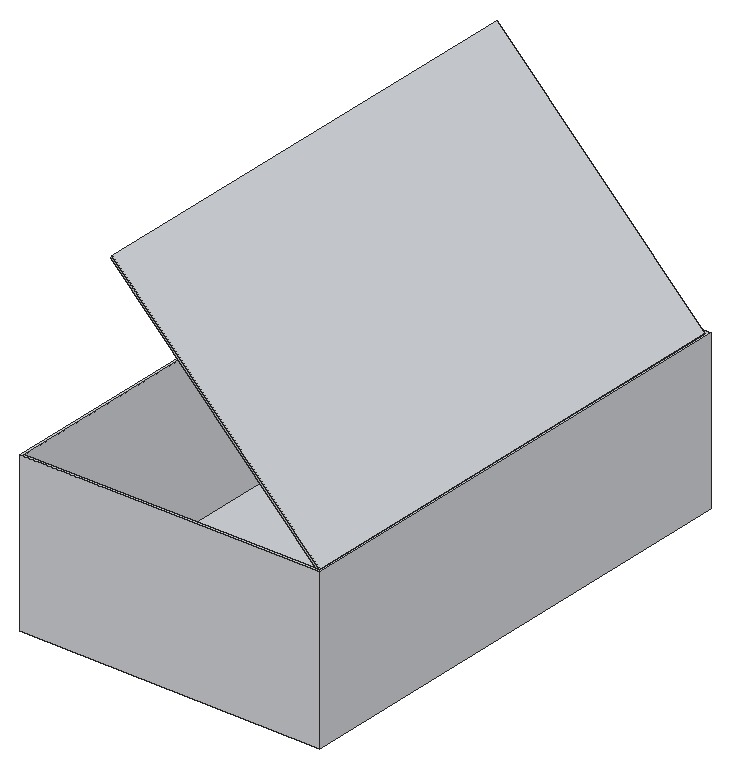
Revit family "Hager-Vector-IP65-vacío-ES-es", category Electrical Equipment, host Face, Revit 2020
Family settings
  Host = Face
  Panel Configuration = Two Columns, Circuits Across
  Round Connector Dimension = Use Diameter
  Part Type = Panelboard
  Cut with Voids When Loaded = No
  Shared = No
  Room Calculation Point = No
Parameters (values of type "Montado superficial IP65 A400 A650 P210 0 unidad de división - VP72G")
  Width Control [instance] = if([HG000006 - Empotrado], if([EF000846 - Anchura de instalación] > min_whd, [EF000846 - Anchura de instalación], min_whd), if([EF000008 - Anchura] > min_whd, ([EF000008 - Anchura]), min_whd))  # 400 mm
  Void Depth [instance] = if([HG000006 - Empotrado], Depth Control, 1 mm)  # 1 mm
  Type Comments = [HG000003 - Gama]  # "Vector"
  System Height [instance] = Height Control - 2 * [HG000005 - Grosor]  # 644 mm
  Model = [HG000004 - Referencia del fabricante]  # "VP72G"
  HG000017 - Distancia entre polos = 18 mm
  HG000016 - Visibilidad de la puerta 3D [instance] = yes
  HG000015 - Visibilidad a través de la puerta [instance] = no
  HG000014 - Puerta a la derecha [instance] = yes
  HG000013 - Puerta a la izquierda [instance] = not([HG000014 - Puerta a la derecha])  # no
  HG000012 - Ángulo de giro de la puerta [instance] = 45.00°
  HG000011 - Filas vacías desde abajo = no
  HG000010 - Puertas asimétricas = no
  HG000009 - Puerta batiente doble = no
  HG000008 - Número de filas vacías = 0
  HG000007 - Número de columnas vacías = 0
  HG000006 - Empotrado = no
  HG000005 - Grosor = 3 mm  # constant formula
  HG000004 - Referencia del fabricante = "VP72G"
  HG000003 - Gama = "Vector"
  HG000002 - Con puerta o tapa = yes
  HG000001 - Número de columnas = 0
  EF015941 - Puerta de transmisión de señal = no
  EF015777 - Borne neutro = no
  EF015776 - Borne de tierra = no
  EF009212 - Versión de la cubierta = "EV000116 - Cerrado"
  EF006306 - Con cierre = yes
  EF006244 - Tapa/puerta transparente = no
  EF005474 - Grado de protección (IP) = "EV006421 - IP65"
  EF004462 - Tipo de cierre = "EV000154 - Otros"
  EF002950 - Anchura de unidades de división = 0
  EF001596 - Material de la carcasa = "EV000139 - Plástico"
  EF001134 - Carril DIN = no
  EF001131 - Profundidad interna = 210 mm
  EF001088 - Posibilidad de extensión = yes
  EF001062 - Versión de EMC = yes
  EF000846 - Anchura de instalación = 0 mm
  EF000339 - Tipo de cubierta = "EV004216 - Puerta"
  EF000332 - Altura de la instalación = 0 mm
  EF000266 - Número de filas = 0
  EF000218 - Profundidad de instalación = 210 mm
  EF000118 - Con placa de montaje = no
  EF000116 - Número RAL = "7035"
  EF000049 - Profundidad = 210 mm
  EF000040 - Altura = 650 mm
  EF000008 - Anchura = 400 mm
  EF000007 - Color = "EV000270 - Gris"
  EF000003 - Tipo de montaje = "EV000384 - Montado superficial (escayola)"
  Arrow Offset [instance] = Depth Control / 8  # 26.25 mm
  Arrow Height [instance] = Depth Control - Arrow Offset  # 183.75 mm
  Host Offset [instance] = if([HG000006 - Empotrado], 0 mm, [EF000049 - Profundidad])  # 210 mm
  min_whd [instance] = (2 * [HG000005 - Grosor]) + 1 mm  # 7 mm
  Manufacturer = "Hager"  # constant formula
  Height Control [instance] = if([HG000006 - Empotrado], if([EF000332 - Altura de la instalación] > min_whd, [EF000332 - Altura de la instalación], min_whd), if([EF000040 - Altura] > min_whd, ([EF000040 - Altura]), min_whd))  # 650 mm
  Flush Mounted - Door Frame Width [instance] = if(([EF000040 - Altura] - [EF000332 - Altura de la instalación]) > 0 mm, if([HG000006 - Empotrado], [EF000040 - Altura] - [EF000332 - Altura de la instalación], 0 mm), 0 mm)  # 0 mm
  Depth Control [instance] = if([HG000006 - Empotrado], if([EF000218 - Profundidad de instalación] > 0 mm, [EF000218 - Profundidad de instalación], 1 mm), if([EF000049 - Profundidad] > 0 mm, ([EF000049 - Profundidad]), 1 mm))  # 210 mm
  Default Elevation = 0 mm
Types (4, lengths in mm): name | Width Control | System Height | Model | HG000004 - Referencia del fabricante | EF001131 - Profundidad interna | EF000218 - Profundidad de instalación | EF000118 - Con placa de montaje | EF000049 - Profundidad | EF000040 - Altura | EF000008 - Anchura | Arrow Offset | Arrow Height | Host Offset | Height Control | Depth Control
  Montado superficial IP65 A250 A350 P160 0 unidad de división - VP20G | 250 | 344 | "VP20G" | "VP20G" | 160 | 160 | yes | 160 | 350 | 250 | 20 | 140 | 160 | 350 | 160
  Montado superficial IP65 A300 A500 P160 0 unidad de división - VP36G | 300 | 494 | "VP36G" | "VP36G" | 160 | 160 | no | 160 | 500 | 300 | 20 | 140 | 160 | 500 | 160
  Montado superficial IP65 A400 A500 P210 0 unidad de división - VP54G | 400 | 494 | "VP54G" | "VP54G" | 210 | 210 | no | 210 | 500 | 400 | 26.25 | 183.75 | 210 | 500 | 210
  Montado superficial IP65 A400 A650 P210 0 unidad de división - VP72G | 400 | 644 | "VP72G" | "VP72G" | 210 | 210 | no | 210 | 650 | 400 | 26.25 | 183.75 | 210 | 650 | 210
Reference planes
  plane 1 "Center (Front/Back)": y = 0
  plane 2: z = 0
  plane 3 "Center (Left/Right)": x = 0
  plane 4: z = 210
  plane 5: y = 3
  plane 6: z = 205
  plane 7: y = 325
  plane 8: y = 0
  plane 9: y = 650
  plane 10: z = 0
  plane 11: x = -200
  plane 12: x = 200
  plane 13: x = 197
  plane 14: x = -197
  plane 15: y = 647
  plane 16: z = 3
  plane 17: z = 207
  plane 18: z = -1
  plane 19: z = 207
Forms (mm)
  Extrusion 1, solid
    sketch origin (-583.045, 0, 1219.2) x (-1, 0, 0) y (0, 0, 1)
      loop
        line (-383.045, -1009.2) -> (-783.045, -1009.2) -> (-783.045, -1219.2) -> (-383.045, -1219.2) -> (-383.045, -1009.2)
    from 0 to 650 <- "Height Control"
  Extrusion 2, void
    sketch origin (-381.607, -4572, 210) x (0, -1, 0) y (-1, 0, 0)
      loop
        line (-5219, -184.607) -> (-5219, -578.607) -> (-4575, -578.607) -> (-4575, -184.607) -> (-5219, -184.607)
    from 0 to 207
  Extrusion 3, void
    sketch origin (0, 0, 0) x (1, 0, 0) y (0, 1, 0)
      loop
        line (-200, 0) -> (200, 0) -> (200, 650) -> (-200, 650) -> (-200, 0)
    from -1 to 1
  Extrusion 4, solid, detail levels coarse+medium
    sketch origin (-381.607, -4572, 210) x (-1, 0, 0) y (0, -1, 0)
      loop
        line (-184.607, -5219) -> (-184.607, -4575) -> (-578.607, -4575) -> (-578.607, -5219) -> (-184.607, -5219)
    from 0 to -3
Cuts and joins
  Extrusion 2 cuts Extrusion 1
Dimensions and locks
  plane 4 to plane 6 = 5 mm
  "Host Offset": plane 4 to host face
  "Flush Mounted - Door Frame Width": plane 1 "Center (Front/Back)" to plane 8
  "HG000005 - Grosor": plane 5 to plane 8
  locked: connector elem to plane 3 "Center (Left/Right)"
  "Height Control": plane 9 to plane 8
  equal spacing: plane 9, plane 7, plane 8
  locked: connector elem to plane 7
  "Depth Control": plane 4 to plane 10
  "HG000005 - Grosor": plane 11 to plane 14
  "HG000005 - Grosor": plane 12 to plane 13
  equal spacing: plane 11, plane 3 "Center (Left/Right)", plane 12
  "Width Control": plane 11 to plane 12
  "Arrow Offset": nested 4 to plane 10
  "HG000005 - Grosor": plane 9 to plane 15
  "HG000005 - Grosor": plane 16 to plane 10
  "HG000005 - Grosor": plane 4 to plane 17
  "Void Depth": plane 2 to plane 18
  "HG000005 - Grosor": plane 4 to plane 19
  aligned and locked: plane 2 to host face
  aligned and locked: level to host face
  aligned and locked: plane 3 "Center (Left/Right)" to nested 2
  aligned and locked: plane 4 to nested 2
  aligned and locked: nested 2 to plane 8
  aligned and locked: nested 1 to plane 6
  aligned and locked: plane 5 to nested 1
  aligned and locked: nested 4 to plane 11
  aligned and locked: nested 3 to plane 4
  aligned and locked: Extrusion 1 sketch curve to plane 12
  aligned and locked: Extrusion 1 sketch curve to plane 11
  aligned and locked: nested 3 to plane 10
  aligned and locked: plane 10 to Extrusion 1 sketch curve
  aligned and locked: plane 5 to Extrusion 2 sketch curve
  aligned and locked: Extrusion 2 sketch curve to plane 15
  aligned and locked: Extrusion 2 sketch curve to plane 14
  aligned and locked: Extrusion 2 sketch curve to plane 13
  aligned and locked: plane 11 to Extrusion 3 sketch curve
  aligned and locked: plane 9 to Extrusion 3 sketch curve
  aligned and locked: Extrusion 3 sketch curve to plane 8
  aligned and locked: plane 12 to Extrusion 3 sketch curve
  aligned and locked: nested 3 to plane 12
  aligned and locked: Extrusion 3 to plane 18
  aligned and locked: Extrusion 2 to plane 16
  aligned and locked: Extrusion 1 sketch curve to plane 4
  aligned and locked: Extrusion 4 to plane 17
  aligned and locked: Extrusion 4 sketch curve to plane 15
  aligned and locked: Extrusion 4 sketch curve to plane 13
  aligned and locked: Extrusion 4 sketch curve to plane 14
  aligned and locked: plane 5 to Extrusion 4 sketch curve
Automatic sketch dimensions
  host sketch curve to host sketch curve = 1469.727 mm
  host sketch curve to host sketch curve = 1434.803 mm
Nested families
  nested 1: "Hager_Enclosure_System" at (0, 3, 205) x (1, 0, 0) z (0, 1, 0), Depth <- "HG000005 - Grosor", Height <- "System Height", Width <- "EF000008 - Anchura", Border <- "HG000005 - Grosor", Flush_Mounted <- "HG000006 - Empotrado", Built-in_Width <- "EF000846 - Anchura de instalación", Row_Module_Multiplicator <- "EF002950 - Anchura de unidades de división", Total_No_Empty_Rows <- "HG000008 - Número de filas vacías", Total_No_Rows <- "EF000266 - Número de filas", Empty_Columns <- "HG000007 - Número de columnas vacías", Width_Control <- "Width Control", Empty_Rows_From_Bottom <- "HG000011 - Filas vacías desde abajo", Distance_Between_Poles <- "HG000017 - Distancia entre polos", Rows_Count <- "EF000266 - Número de filas", Columns_Count <- "HG000001 - Número de columnas", type "Hager_Enclosure_System", detail levels fine
    with Width_Control 400 mm, Width 400 mm, Total_No_Rows 0, Total_No_Empty_Rows 0, Total_No_Columns 1, System_Width 394 mm, Rows_Count 0, Rows_Column 0, Row_Module_Multiplicator 0, Panel_4 no, Panel_3 no, Panel_2 no, Panel_1 no, No_Panels_Ctrl 1, Hide_Columns yes, Height 644 mm, Flush_Mounted no, Empty_Rows_From_Bottom no, Empty_Rows_Column 0, Empty_Columns 0, Distance_Between_Poles 18 mm, Depth 3 mm, Columns_Count 0, Column_Width 394 mm, Built-in_Width 0 mm, Border 3 mm
  nested 2: "Hager_Enclosure_Door" at (0, 0, 210) x (1, 0, 0) z (0, 1, 0), Border <- "HG000005 - Grosor", Door_Right <- "HG000014 - Puerta a la derecha", Flush_Mounted <- "HG000006 - Empotrado", Depth <- "EF000049 - Profundidad", Width <- "EF000008 - Anchura", Door_Left <- "HG000013 - Puerta a la izquierda", 3d_Door <- "HG000016 - Visibilidad de la puerta 3D", BuiltIn_Width <- "EF000846 - Anchura de instalación", BuiltIn_Height <- "EF000332 - Altura de la instalación", BuiltIn_Depth <- "EF000218 - Profundidad de instalación", Angle <- "HG000012 - Ángulo de giro de la puerta", Assymetrical <- "HG000010 - Puertas asimétricas", Double <- "HG000009 - Puerta batiente doble", Clearance <- "HG000015 - Visibilidad a través de la puerta", Transparent <- "EF006244 - Tapa/puerta transparente", Door <- "HG000002 - Con puerta o tapa", Height_Ctrl <- "Height Control", Width_Ctrl <- "Width Control", Height <- "EF000040 - Altura", type "Hager_Enclosure_Door", detail levels medium+fine
    with min_wh 7 mm, Width_Ctrl 400 mm, Width 400 mm, Transparent_Door_No_Bottom_Border no, Transparent no, Leaf_Width 391 mm, Leaf_Tolerance 1.5 mm, Leaf_Height 641 mm, Leaf_2_Width 391 mm, Leaf_2_Offset 195.5 mm, Leaf_1_Width 391 mm, Leaf_1_Offset 195.5 mm, Height_Ctrl 650 mm, Height 650 mm, Frame_Width_Ctrl 400 mm, Frame_Width 400 mm, Frame_Internal_Offset 0 mm, Frame_Height_Ctrl 650 mm, Frame_Height 650 mm, Frame_Depth_Ctrl 1 mm, Frame_Depth 0 mm, Flush_Mounted no, Double_Clearance_Ctrl no, Double no, Door_Right_Ctrl yes, Door_Right yes, Door_Left_Ctrl no, Door_Left no, Door yes, Depth 210 mm, Clearance_Depth 391 mm, Clearance_Ctrl no, Clearance no, BuiltIn_Width 0 mm, BuiltIn_Height 0 mm, BuiltIn_Depth 210 mm, Border 3 mm, Assymetrical no, Angle 45.00°, 3d_Door yes
  nested 3: "Hager_Enclosure_Symbol_Triangle" at (-200, 0, 0) x (1, 0, 0) z (0, -1, 0), Depth <- "Depth Control", Width <- "Width Control", type "Hager_Enclosure_Symbol_Triangle"
    with Width_Ctrl 400 mm, Width 400 mm, Depth_Ctrl 210 mm, Depth 210 mm
  nested 4: "Hager_Enclosure_Symbol_Arrow" at (-200, 0, 26.25) x (1, 0, 0) z (0, -1, 0), Height <- "Arrow Height", type "Hager_Enclosure_Symbol_Arrow"
    with Width_Inside 13.781 mm, Width 165.375 mm, Height_Ctrl 183.75 mm, Height 183.75 mm
Connectors
  electrical at (0, 325, 0)
    settings: on plane 10, index 1, voltage 0 V, apparent load 0 VA, apparent load phase1 0 VA, apparent load phase2 0 VA, apparent load phase3 0 VA, power factor 1, load classification "Other", number of poles 1, system type 30, power factor state 1, is connector primary yes, connector utility no, sub classification motor no, connector description ""
Definition of nested family "Hager_Enclosure_Door"
  Parameters (values of type "Hager_Enclosure_Door")
    min_wh [instance] = (2 * Border) + 1 mm  # 11 mm
    Width_Ctrl [instance] = 400 mm
    Width [instance] = 500 mm
    Transparent_Door_No_Bottom_Border [instance] = no
    Transparent [instance] = yes
    Leaf_Width [instance] = if((Width_Ctrl - 2 * Border - 2 * Leaf_Tolerance) > 0 mm, (Width_Ctrl - 2 * Border - 2 * Leaf_Tolerance), min_wh)  # 387 mm
    Leaf_Tolerance [instance] = 1.5 mm  # constant formula
    Leaf_Height [instance] = if((Height_Ctrl - 2 * Border - 2 * Leaf_Tolerance) > 0 mm, (Height_Ctrl - 2 * Border - 2 * Leaf_Tolerance), min_wh)  # 387 mm
    Leaf_2_Width [instance] = if(and(and(Double, Assymetrical), Door_Left), (Leaf_Width / 3) - (Leaf_Tolerance / 2), if(and(and(Double, Assymetrical), Door_Right), (Leaf_Width / 3) * 2 - (Leaf_Tolerance / 2), if(and(Double, not(Assymetrical)), (Leaf_Width / 2) - Leaf_Tolerance, Leaf_Width)))  # 387 mm
    Leaf_2_Offset [instance] = if(and(Double, Assymetrical), Leaf_2_Width / 2, if(and(Double, not(Assymetrical)), Leaf_Width / 4, Leaf_Width / 2))  # 193.5 mm
    Leaf_1_Width [instance] = if(and(and(Double, Assymetrical), Door_Right), (Leaf_Width / 3) - (Leaf_Tolerance / 2), if(and(and(Double, Assymetrical), Door_Left), (Width / 3) * 2 - (Leaf_Tolerance / 2), if(and(Double, not(Assymetrical)), (Leaf_Width / 2) - Leaf_Tolerance, Leaf_Width)))  # 387 mm
    Leaf_1_Offset [instance] = if(and(Double, Assymetrical), Leaf_1_Width / 2, if(and(Double, not(Assymetrical)), Leaf_Width / 4, Leaf_Width / 2))  # 193.5 mm
    Height_Ctrl [instance] = 400 mm
    Height [instance] = 500 mm
    Frame_Width_Ctrl [instance] = if(Frame_Width > 0 mm, Frame_Width, 1 mm)  # 1 mm
    Frame_Width [instance] = Width - BuiltIn_Width  # 0 mm
    Frame_Internal_Offset [instance] = if(Flush_Mounted, Border, 0 mm)  # 5 mm
    Frame_Height_Ctrl [instance] = if(Frame_Height > 0 mm, Frame_Height, 1 mm)  # 1 mm
    Frame_Height [instance] = Height - BuiltIn_Height  # 0 mm
    Frame_Depth_Ctrl [instance] = if(Frame_Depth > 0 mm, Frame_Depth, 1 mm)  # 1 mm
    Frame_Depth [instance] = if(Depth - BuiltIn_Depth > 0 mm, if(Flush_Mounted, Depth - BuiltIn_Depth, 0 mm), 0 mm)  # 0 mm
    Flush_Mounted [instance] = yes
    Double_Clearance_Ctrl [instance] = and(Double, Clearance)  # no
    Double [instance] = no
    Door_Right_Ctrl [instance] = and(or(Door_Right, Double), Door)  # yes
    Door_Right [instance] = yes
    Door_Left_Ctrl [instance] = and(or(Door_Left, Double), Door)  # no
    Door_Left [instance] = no
    Door [instance] = yes
    Depth [instance] = 500 mm
    Default Elevation = 1219.2 mm
    Clearance_Material = none
    Clearance_Depth [instance] = if(Leaf_1_Width > Leaf_2_Width, Leaf_1_Width, Leaf_2_Width)  # 387 mm
    Clearance_Ctrl [instance] = and(not(Double), Clearance)  # yes
    Clearance [instance] = yes
    BuiltIn_Width [instance] = 500 mm
    BuiltIn_Height [instance] = 500 mm
    BuiltIn_Depth [instance] = 500 mm
    Border [instance] = 5 mm
    Assymetrical [instance] = yes
    Angle [instance] = 30.00°
    3d_Door [instance] = yes
  Reference planes
    plane 1 "Center (Front/Back)": y = 0
    plane 2 "Bottom": z = 0
    plane 3 "Center (Left/Right)": x = 0
    plane 4: z = 400
    plane 5: x = -200
    plane 6: x = 200
    plane 7: z = 395
    plane 8: x = -195
    plane 9: z = 5
    plane 10: x = 195
    plane 11: y = 0
    plane 12: z = 6.5
    plane 13: x = -582
    plane 14: y = -387
    plane 15: x = 582
    plane 16: x = 0
    plane 17: x = 0
    plane 18: x = -193.5
    plane 19: x = 193.5
    plane 20: z = 393.5
  Forms (mm)
    Extrusion 1, solid, visible <- "Flush_Mounted"
      sketch origin (0, 0, 0) x (1, 0, 0) y (0, 0, 1)
        loop
          line (195, 5) -> (195, 395) -> (-195, 395) -> (-195, 5) -> (195, 5)
        loop
          line (-201, 401) -> (-201, -1) -> (201, -1) -> (201, 401) -> (-201, 401)
      from 0 to 1 <- "Frame_Depth_Ctrl"
    Extrusion 2, solid, material <- "Clearance_Material", visible <- "Double_Clearance_Ctrl"
      sketch origin (1200, 0, 0) x (1, 0, 0) y (0, 0, -1)
        loop
          line (-1782, -393.5) -> (-618, -393.5) -> (-618, 0) -> (-1782, 0) -> (-1782, -393.5)
      from 0 to -387
  Dimensions and locks
    equal spacing: plane 5, plane 3 "Center (Left/Right)", plane 6
    "Width_Ctrl": plane 5 to plane 6
    "Border": plane 5 to plane 8
    "Border": plane 6 to plane 10
    "Border": plane 9 to level
    "Border": plane 4 to plane 7
    "Height_Ctrl": plane 4 to level
    "Leaf_Tolerance": plane 12 to plane 9
    "Frame_Depth": plane 11 to plane 1 "Center (Front/Back)"
    "Frame_Width_Ctrl": plane 5 to Extrusion 1 sketch curve
    "Frame_Width_Ctrl": plane 6 to Extrusion 1 sketch curve
    "Frame_Width_Ctrl": Extrusion 1 sketch curve to plane 4
    "Frame_Width_Ctrl": plane 2 "Bottom" to Extrusion 1 sketch curve
    "Leaf_1_Offset": plane 18 to plane 16
    "Leaf_2_Offset": plane 17 to plane 19
    "Leaf_1_Width": plane 13 to plane 8
    "Leaf_2_Width": plane 10 to plane 15
    "Clearance_Depth": plane 14 to plane 1 "Center (Front/Back)"
    "Leaf_Tolerance": plane 8 to plane 18
    "Leaf_Tolerance": plane 19 to plane 10
    "Leaf_Tolerance": plane 7 to plane 20
    "Frame_Internal_Offset": plane 5 to Extrusion 1 sketch curve
    "Frame_Internal_Offset": Extrusion 1 sketch curve to plane 2 "Bottom"
    "Frame_Internal_Offset": plane 6 to Extrusion 1 sketch curve
    "Frame_Internal_Offset": plane 4 to Extrusion 1 sketch curve
    aligned and locked: level to plane 2 "Bottom"
    aligned and locked: nested 1 to plane 16
    aligned and locked: nested 2 to plane 17
    aligned and locked: Extrusion 2 to plane 13
    aligned and locked: plane 15 to Extrusion 2
    aligned and locked: Extrusion 2 to plane 14
    aligned and locked: plane 12 to nested 1
    aligned and locked: nested 2 to plane 12
    aligned and locked: Extrusion 2 to plane 11
    aligned and locked: plane 20 to Extrusion 2
    aligned and locked: nested 2 to plane 11
    aligned and locked: nested 1 to plane 11
  Automatic sketch dimensions
    Extrusion 2 sketch curve to level = 0 mm
    plane 5 to Extrusion 2 sketch curve = 382 mm
    plane 6 to Extrusion 2 sketch curve = 382 mm
    Extrusion 2 sketch curve to plane 4 = 6.5 mm
  Nested families
    nested 1: "Hager_Enclosure_Door_Leaf" at (0, 0, 6.5), Width <- "Leaf_1_Width", visible <- "Door_Left_Ctrl", Leaf_Height <- "Leaf_Height", Angle <- "Angle", Depth <- "Border", 3d_Door <- "3d_Door", Transparent <- "Transparent", Clearance Material <- "Clearance_Material", Clearance <- "Clearance_Ctrl", Transparent_Door_No_Bottom_Border <- "Transparent_Door_No_Bottom_Border", type "Hager_Enclosure_Door_Leaf"
      with Width 387 mm, Transparent_Door_No_Bottom_Border no, Transparent_Door_Border_Bottom_Top 25 mm, Transparent_Door_Border 25 mm, Transparent_Ctrl yes, Transparent yes, Standard no, Leaf_Height 387 mm, Glass_Offset 1 mm, Depth 5 mm, Clearance Material none, Clearance yes, Angle_Ctrl 30.00°, Angle 30.00°, 3d_Door yes
    nested 2: "Hager_Enclosure_Door_Leaf" at (0, 0, 6.5) x (-1, 0, 0) z (0, 0, 1), Width <- "Leaf_2_Width", visible <- "Door_Right_Ctrl", Leaf_Height <- "Leaf_Height", Angle <- "Angle", Depth <- "Border", 3d_Door <- "3d_Door", Transparent <- "Transparent", Clearance Material <- "Clearance_Material", Clearance <- "Clearance_Ctrl", Transparent_Door_No_Bottom_Border <- "Transparent_Door_No_Bottom_Border", type "Hager_Enclosure_Door_Leaf"
      with Width 387 mm, Transparent_Door_No_Bottom_Border no, Transparent_Door_Border_Bottom_Top 25 mm, Transparent_Door_Border 25 mm, Transparent_Ctrl yes, Transparent yes, Standard no, Leaf_Height 387 mm, Glass_Offset 1 mm, Depth 5 mm, Clearance Material none, Clearance yes, Angle_Ctrl 30.00°, Angle 30.00°, 3d_Door yes
  Definition of nested family "Hager_Enclosure_Door_Leaf"
    Parameters (values of type "Hager_Enclosure_Door_Leaf")
      Width [instance] = 2000 mm
      Transparent_Door_No_Bottom_Border [instance] = yes
      Transparent_Door_Border_Bottom_Top [instance] = if(Transparent_Door_No_Bottom_Border, 0.1 mm, Transparent_Door_Border)  # 0.1 mm
      Transparent_Door_Border [instance] = if(Transparent_Door_No_Bottom_Border, (Width * 0.12), 25 mm)  # 240 mm
      Transparent_Ctrl [instance] = and(Transparent, [3d_Door])  # yes
      Transparent [instance] = yes
      Standard [instance] = and(not(Transparent), [3d_Door])  # no
      Leaf_Height [instance] = 2720.336 mm
      Glass_Offset [instance] = if((Depth - 10 mm) / 2 > 0 mm, (Depth - 10 mm) / 2, 1 mm)  # 15 mm
      Glass_Material = none
      Depth [instance] = 40 mm
      Default Elevation = 0 mm
      Clearance Material [instance] = none
      Clearance [instance] = yes
      Angle_Ctrl [instance] = if(Angle > 170.00°, 170.00°, Angle)  # 45.00°
      Angle [instance] = 45.00°
      3d_Door [instance] = yes
    Reference planes
      plane 1 "Center (Front/Back)": y = 0
      plane 2: z = 0
      plane 3 "Center (Left/Right)": x = 0
      plane 4: y = 2000
      plane 5: x = -1000
      plane 6: x = 1000
      plane 7: x = -3000
      plane 8: z = 2720.336
      plane 9: z = 0.1
      plane 10: z = 2720.236
      plane 11: x = 760
      plane 12: x = -760
    Forms (mm)
      Extrusion 1, solid, material <- "Clearance Material", visible <- "Clearance"
        sketch origin (0, 0, 0) x (1, 0, 0) y (0, 0, 1)
          loop
            line (-3000, 2720.336) -> (-3000, 0) -> (1000, 0) -> (1000, 2720.336) -> (-3000, 2720.336)
        from 0 to -2000
      Extrusion 2, solid, visible <- "Standard", detail levels medium+fine
        sketch origin (-1000, 0, 0) x (0.707107, 0.707107, 0) y (-0.707107, 0.707107, 0)
          loop
            line (0, -40) -> (2000, -40) -> (2000, 0) -> (0, 0) -> (0, -40)
        from 0 to 2720.336 <- "Leaf_Height"
      Extrusion 3, solid, visible <- "Transparent_Ctrl", detail levels medium+fine
        sketch origin (-1000, 0, 0) x (0.707107, 0.707107, 0) y (-0.707107, 0.707107, 0)
          loop
            line (0, -40) -> (2000, -40) -> (2000, 0) -> (0, 0) -> (0, -40)
        from 0 to 2720.336 <- "Leaf_Height"
      Extrusion 4, void, detail levels medium+fine
        sketch origin (-1000, 0, 0) x (-0.707107, 0.707107, 0) y (0.707107, 0.707107, 0)
          loop
            line (0, 240) -> (0, 1760) -> (-40, 1760) -> (-40, 240) -> (0, 240)
        from -2720.236 to -0.1
      Extrusion 5, solid, material <- "Glass_Material", visible <- "Transparent_Ctrl", detail levels medium+fine
        sketch origin (-1000, 0, 0) x (0.707107, 0.707107, 0) y (-0.707107, 0.707107, 0)
          loop
            line (240, -15) -> (240, -25) -> (1760, -25) -> (1760, -15) -> (240, -15)
        from 0.1 to 2720.236
    Cuts and joins
      Extrusion 4 cuts Extrusion 3
    Lines and regions (mm)
      symbolic lines
        curve 1: line (1000, 0, 0) -> (-3000, 0, 0)
        curve 2: arc (1000, 0, 0) -> (-1000, 2000, 0) -> (-3000, 0, 0) r 2000
        curve 4: line (-1000, 0, 0) -> (414.214, 1414.214, 0)
      reference lines
        curve 3: line (-1000, 0, 0) -> (414.214, 1414.214, 0)
      symbolic lines, detail levels medium+fine
        curve 5: line (414.214, 1414.214, 0) -> (442.498, 1385.929, 0)
        curve 6: line (442.498, 1385.929, 0) -> (-971.716, -28.284, 0)
        curve 7: line (-971.716, -28.284, 0) -> (-1000, 0, 0)
        curve 8: line (-1000, 0, 2720.336) -> (1000, 0, 2720.336)
        curve 9: line (-1000, 0, 0) -> (-1000, 0, 2720.336)
        curve 10: line (1000, 0, 0) -> (-1000, 0, 0)
        curve 11: line (1000, 0, 2720.336) -> (1000, 0, 0)
      symbolic lines, visible <- "Transparent_Ctrl", detail levels medium+fine
        curve 12: line (-760, 0, 2720.236) -> (760, 0, 2720.236)
        curve 13: line (-760, 0, 0.1) -> (-760, 0, 2720.236)
        curve 14: line (760, 0, 0.1) -> (-760, 0, 0.1)
        curve 15: line (760, 0, 2720.236) -> (760, 0, 0.1)
    Dimensions and locks
      "Width": plane 1 "Center (Front/Back)" to plane 4
      equal spacing: plane 5, plane 3 "Center (Left/Right)", plane 6
      "Width": plane 5 to plane 6
      "Width": plane 7 to plane 5
      "Leaf_Height": plane 8 to level
      "Depth": curve 6 to curve 3
      "Width": curve 5 to curve 3
      "Width": curve 3 to curve 3
      "Transparent_Door_Border": Extrusion 4 sketch curve to curve 7
      "Transparent_Door_Border": Extrusion 4 sketch curve to curve 5
      "Transparent_Door_Border_Bottom_Top": plane 8 to plane 10
      "Transparent_Door_Border_Bottom_Top": plane 9 to level
      "Glass_Offset": Extrusion 5 sketch curve to curve 4
      "Glass_Offset": Extrusion 5 sketch curve to curve 6
      "Transparent_Door_Border": Extrusion 5 sketch curve to curve 5
      "Transparent_Door_Border": Extrusion 5 sketch curve to curve 7
      "Transparent_Door_Border": plane 12 to plane 5
      "Transparent_Door_Border": plane 6 to plane 11
      "Angle_Ctrl": angle plane 1 "Center (Front/Back)" to curve 3
      aligned and locked: level to plane 2
      aligned and locked: Extrusion 1 to curve 1
      aligned and locked: plane 6 to Extrusion 1
      aligned and locked: Extrusion 1 to plane 1 "Center (Front/Back)"
      aligned and locked: plane 4 to Extrusion 1
      aligned and locked: plane 8 to Extrusion 1
      aligned and locked: curve 4 to curve 3
      aligned and locked: Extrusion 2 sketch curve to curve 7
      aligned and locked: Extrusion 2 sketch curve to curve 6
      aligned and locked: Extrusion 2 sketch curve to curve 5
      aligned and locked: Extrusion 2 sketch curve to curve 3
      aligned and locked: curve 7 to Extrusion 3 sketch curve
      aligned and locked: Extrusion 3 sketch curve to curve 4
      aligned and locked: Extrusion 3 sketch curve to curve 6
      aligned and locked: Extrusion 3 sketch curve to curve 5
      aligned and locked: curve 4 to Extrusion 4 sketch curve
      aligned and locked: curve 6 to Extrusion 4 sketch curve
      aligned and locked: Extrusion 4 to plane 9
      aligned and locked: Extrusion 4 to plane 10
      aligned and locked: Extrusion 5 to plane 9
      aligned and locked: Extrusion 5 to plane 10
      aligned and locked: curve 8 to plane 8
      aligned and locked: plane 5 to curve 9
      aligned and locked: plane 2 to curve 10
      aligned and locked: curve 11 to plane 6
      aligned and locked: plane 10 to curve 12
      aligned and locked: plane 12 to curve 13
      aligned and locked: curve 14 to plane 9
      aligned and locked: plane 11 to curve 15
    Automatic sketch dimensions
      plane 1 "Center (Front/Back)" to curve 2 = 0 mm
      curve 2 to plane 5 = 0 mm
      Extrusion 1 sketch curve to level = 0 mm
      Extrusion 1 sketch curve to plane 7 = 0 mm
      Extrusion 1 sketch curve to plane 6 = 0 mm
      Extrusion 1 sketch curve to plane 8 = 0 mm
      plane 1 "Center (Front/Back)" to curve 3 = 0 mm
      curve 3 to plane 5 = 0 mm
      curve 7 to curve 3 = 0 mm
Definition of nested family "Hager_Enclosure_Symbol_Triangle"
  Parameters (values of type "Hager_Enclosure_Symbol_Triangle")
    Width_Ctrl [instance] = if(Width > 1 mm, Width, 1 mm)  # 498 mm
    Width [instance] = 498 mm
    Depth_Ctrl [instance] = if(Depth > 1 mm, Depth, 1 mm)  # 72 mm
    Depth [instance] = 72 mm
  Reference planes
    plane 1 "Centre (avant/arrière)": y = 0
    plane 2: z = 0
    plane 3 "Centre (gauche/droite)": x = 0
  Lines and regions (mm)
    Filled region 1, type "Solid_Black", in view "Niveau de réf."
      outline origin (0, 0, 0) x (1, 0, 0) y (0, 1, 0)
        loop
          line (0, 0) -> (498, 0) -> (498, 72) -> (0, 0)
    reference lines, in view "Niveau de réf."
      curve 1: line (-206.153, 72, 0) -> (1083.258, 72, 0)
      curve 2: line (498, 405.456, 0) -> (498, -517.619, 0)
  Dimensions and locks
    "Depth_Ctrl": plane 1 "Centre (avant/arrière)" to curve 1
    "Width_Ctrl": plane 3 "Centre (gauche/droite)" to curve 2
    aligned and locked: curve 1 to Filled region 1 sketch curve
    aligned and locked: Filled region 1 sketch curve to plane 1 "Centre (avant/arrière)"
    aligned and locked: curve 2 to Filled region 1 sketch curve
    aligned and locked: plane 3 "Centre (gauche/droite)" to Filled region 1 sketch curve
    aligned and locked: plane 1 "Centre (avant/arrière)" to Filled region 1 sketch curve
  Automatic sketch dimensions
    curve 1 to plane 3 "Centre (gauche/droite)" = 206.153 mm
    curve 2 to curve 1 = 585.258 mm
    plane 1 "Centre (avant/arrière)" to curve 2 = 517.619 mm
    curve 2 to plane 1 "Centre (avant/arrière)" = 405.456 mm
Definition of nested family "Hager_Enclosure_Symbol_Arrow"
  Parameters (values of type "Hager_Enclosure_Symbol_Arrow")
    Width_Inside [instance] = if(Width / 12 > 2 mm, Width / 12, 2 mm)  # 4.987 mm
    Width [instance] = if(Height_Ctrl * 0.9 > 2 mm, Height_Ctrl * 0.9, 2 mm)  # 59.85 mm
    Height_Ctrl [instance] = if(Height > 2 mm, Height, 2 mm)  # 66.5 mm
    Height [instance] = 66.5 mm
  Reference planes
    plane 1 "Centre (avant/arrière)": y = 0
    plane 2: z = 0
    plane 3 "Centre (gauche/droite)": x = 0
    plane 4: x = 59.85
    plane 5: y = 28.263
    plane 6: y = 38.238
    plane 7: y = 66.5
    plane 8: x = 29.925
    plane 9: y = 33.25
  Lines and regions (mm)
    Filled region 1, type "Solid_Black", in view "Niveau de réf."
      outline origin (0, 0, 0) x (1, 0, 0) y (0, 1, 0)
        loop
          line (59.85, 66.5) -> (37.929, 52.827) -> (51.846, 41.935) -> (59.85, 66.5)
    detail lines, in view "Niveau de réf."
      curve 1: line (0, 0, 0) -> (29.925, 38.238, 0)
      curve 2: line (29.925, 38.238, 0) -> (29.925, 28.263, 0)
      curve 3: line (29.925, 28.263, 0) -> (59.85, 66.5, 0)
  Dimensions and locks
    "Width": plane 3 "Centre (gauche/droite)" to plane 4
    "Height_Ctrl": plane 7 to plane 1 "Centre (avant/arrière)"
    equal spacing: plane 3 "Centre (gauche/droite)", plane 8, plane 4
    equal spacing: plane 7, plane 9, plane 1 "Centre (avant/arrière)"
    equal spacing: plane 6, plane 9, plane 5
    "Width_Inside": plane 6 to plane 9
    equal spacing: curve 3, Filled region 1 sketch curve, Filled region 1 sketch curve
    angle Filled region 1 sketch curve to curve 3 = 20.00°
    angle curve 3 to Filled region 1 sketch curve = 20.00°
    locked: curve 3 to Filled region 1 sketch curve (angle 90.00°)
  Automatic sketch dimensions
    plane 1 "Centre (avant/arrière)" to curve 1 = 0 mm
    curve 1 to plane 3 "Centre (gauche/droite)" = 0 mm
    curve 2 to plane 6 = 0 mm
    curve 3 to plane 8 = 0 mm
    curve 3 to plane 4 = 0 mm
    curve 2 to plane 5 = 0 mm
    curve 3 to plane 7 = 0 mm
    Filled region 1 sketch curve to plane 4 = 0 mm
    Filled region 1 sketch curve to plane 7 = 0 mm
